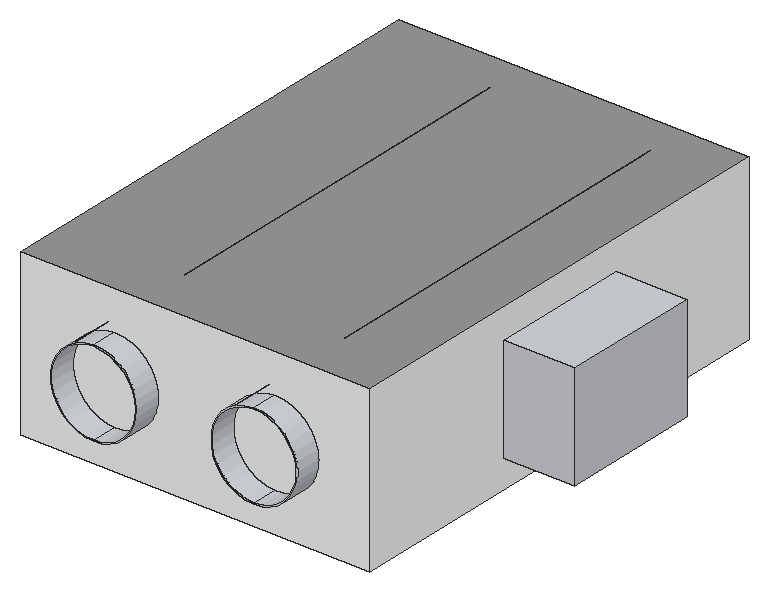
Revit family "Node-1 100-800", category Оборудование, Revit 2016
Family settings
  Тип детали = Нормальный
  Размер круглого соединителя = Использовать диаметр
  На основе рабочей плоскости = Нет
  Всегда вертикально = Да
  При загрузке вырезать с полостями = Нет
  Общий = Нет
  Точка расчета площади = Нет
Parameters (values of type "Node-1 100")
  Ширина = 665 mm
  Материал = 100-400
  Длина подключений = Длина + 100 mm  # 1000 mm
  Диаметр внешнего подключения = 160 mm
  Внешний радиус подключения = Внутренний радиус подключения + 2 mm  # 82 mm
  Внутренний радиус подключения = Диаметр внешнего подключения / 2  # 80 mm
  Ширина блока = 267 mm
  Расход = 41.6 L/s
  Длина = 900 mm
  Высота = 312 mm
  Высота блока = 200 mm
  Вылет блока = 137 mm
Types (9, lengths in mm): name | Материал | Длина подключений | Диаметр внешнего подключения | Внешний радиус подключения | Внутренний радиус подключения | Расход | Длина
  (no name) | 100-400 | 1000 | 160 | 82 | 80 | 41.6 L/s | 900
  Node-1 400 | 100-400 | 1000 | 160 | 82 | 80 | 166.66 L/s | 900
  Node-1 300 | 100-400 | 1000 | 160 | 82 | 80 | 125.0 L/s | 900
  Node-1 200 | 100-400 | 1000 | 160 | 82 | 80 | 83.3 L/s | 900
  Node-1 100 | 100-400 | 1000 | 160 | 82 | 80 | 41.6 L/s | 900
  Node-1 500 | 500-800 | 1280 | 200 | 102 | 100 | 173.61 L/s | 1180
  Node-1 600 | 500-800 | 1280 | 200 | 102 | 100 | 191.66 L/s | 1180
  Node-1 700 | 500-800 | 1280 | 200 | 102 | 100 | 225.0 L/s | 1180
  Node-1 800 | 500-800 | 1280 | 200 | 102 | 100 | 257.0 L/s | 1180
Reference planes
  plane 1 "По центру (Вперед/Назад)": y = 0
  plane 2: z = 0
  plane 3 "По центру (Влево/Вправо)": x = 0
  plane 4: z = 156
Forms (mm)
  Extrusion 1, solid, material "100-400" <- "Материал"
    sketch origin (13738.263, 11757.287, 0) x (1, 0, 0) y (0, 1, 0)
      loop
        line (-14403.263, -11757.287) -> (-14403.263, -12657.287) -> (-13738.263, -12657.287) -> (-13738.263, -11757.287) -> (-14403.263, -11757.287)
    from 0 to 312
  Extrusion 2, solid
    sketch origin (0, 100, 0) x (0, -1, 0) y (0, 0, -1)
      loop
        line (416.5, -256) -> (683.5, -256) -> (683.5, -56) -> (416.5, -56) -> (416.5, -256)
    from 0 to 137
  Extrusion 3, solid, not visible
    sketch origin (0, 0, 0) x (1, 0, 0) y (0, 0, 1)
      loop
        circle (-180, 156) r 79
      loop
        circle (-485, 156) r 79
    from 0 to -40
  Extrusion 4, solid, not visible
    sketch origin (1035, -900, 0) x (-1, 0, 0) y (0, 0, -1)
      loop
        circle (1520, -156) r 79
      loop
        circle (1215, -156) r 79
    from 0 to 40
  Revolve 5, solid
    sketch origin (-180, -356.715, 0.427) x (0, -1, 0) y (0, 0, -1)
      loop
        line (593.285, -235.573) -> (-406.715, -235.573) -> (-406.715, -237.573) -> (593.285, -237.573) -> (593.285, -235.573)
      axis (-406.715, -155.573) -> (593.285, -155.573)
    angle from 0 to 360
  Revolve 6, solid
    sketch origin (-485, -356.715, 0.427) x (0, -1, 0) y (0, 0, -1)
      loop
        line (593.285, -235.573) -> (-406.715, -235.573) -> (-406.715, -237.573) -> (593.285, -237.573) -> (593.285, -235.573)
      axis (-406.715, -155.573) -> (593.285, -155.573)
    angle from 0 to 360
  Extrusion 7, solid, not visible
    sketch origin (13738.263, 11757.287, 0) x (1, 0, 0) y (0, 1, 0)
      loop
        line (-14403.263, -11757.287) -> (-14403.263, -12657.287) -> (-13738.263, -12657.287) -> (-13738.263, -11757.287) -> (-14403.263, -11757.287)
    from 0 to 312
  Extrusion 8, solid, not visible
    sketch origin (0, 100, 0) x (0, -1, 0) y (0, 0, -1)
      loop
        line (416.5, -256) -> (683.5, -256) -> (683.5, -56) -> (416.5, -56) -> (416.5, -256)
    from 0 to 137
  Revolve 9, solid, not visible
    sketch origin (-180, -356.715, 0.427) x (0, -1, 0) y (0, 0, -1)
      loop
        line (658.285, -235.573) -> (-471.715, -235.573) -> (-471.715, -237.573) -> (658.285, -237.573) -> (658.285, -235.573)
      axis (-471.715, -155.573) -> (658.285, -155.573)
    angle from 0 to 360
  Revolve 10, solid, not visible
    sketch origin (-485, -356.715, 0.427) x (0, -1, 0) y (0, 0, -1)
      loop
        line (658.285, -235.573) -> (-471.715, -235.573) -> (-471.715, -237.573) -> (658.285, -237.573) -> (658.285, -235.573)
      axis (-471.715, -155.573) -> (658.285, -155.573)
    angle from 0 to 360
Lines and regions (mm)
  reference lines, not visible
    curve 1: line (0, 0, 156) -> (-180, 0, 156)
    curve 2: line (-665, 0, 156) -> (-485, 0, 156)
  reference lines
    curve 3: line (0, 50, 0) -> (0, 50, 315)
Dimensions and locks
  "Длина": Extrusion 1 to Extrusion 1
  "Ширина": Extrusion 1 to Extrusion 1
  "Высота блока": Extrusion 2 to Extrusion 2
  "Ширина блока": Extrusion 2 to Extrusion 2
  "Вылет блока": Extrusion 2 to Extrusion 1
  "Высота": Extrusion 1 to Extrusion 1
  "Длина подключений": Revolve 6 to Revolve 6
  "Длина подключений": Revolve 5 to Revolve 5
  "Внутренний радиус подключения": Revolve 6 sketch curve to plane 4
  "Внешний радиус подключения": Revolve 6 sketch curve to plane 4
  "Внутренний радиус подключения": plane 4 to Revolve 5 sketch curve
  "Внешний радиус подключения": plane 4 to Revolve 5 sketch curve
  aligned and locked: level to plane 2
Automatic sketch dimensions
  Extrusion 3 sketch curve to Extrusion 3 sketch curve = 305 mm
  Extrusion 3 sketch curve to Extrusion 3 sketch curve = 0 mm
  Extrusion 4 sketch curve to Extrusion 4 sketch curve = 305 mm
  Extrusion 4 sketch curve to Extrusion 4 sketch curve = 0 mm
  Extrusion 2 sketch curve to Extrusion 2 sketch curve = 267 mm
  Extrusion 1 sketch curve to Extrusion 1 sketch curve = 665 mm
  Extrusion 1 sketch curve to Extrusion 1 sketch curve = 900 mm
  Extrusion 2 sketch curve to Extrusion 2 sketch curve = 200 mm
  Extrusion 8 sketch curve to Extrusion 8 sketch curve = 267 mm
  Revolve 9 sketch curve to Revolve 9 sketch curve = 115 mm  (x2)
  Revolve 10 sketch curve to Revolve 10 sketch curve = 115 mm  (x2)
  Extrusion 7 sketch curve to Extrusion 7 sketch curve = 665 mm
  Extrusion 7 sketch curve to Extrusion 7 sketch curve = 900 mm
  Extrusion 8 sketch curve to Extrusion 8 sketch curve = 200 mm
  Revolve 9 sketch curve to Revolve 9 sketch curve = 1130 mm
  Revolve 9 sketch curve to Revolve 9 sketch curve = 2 mm
  Revolve 9 sketch curve to Revolve 9 sketch curve = 80 mm
  Revolve 10 sketch curve to Revolve 10 sketch curve = 1130 mm
  Revolve 10 sketch curve to Revolve 10 sketch curve = 2 mm
  Revolve 10 sketch curve to Revolve 10 sketch curve = 80 mm
  plane 1 "По центру (Вперед/Назад)" to Extrusion 1 sketch curve = 0 mm
  Extrusion 1 sketch curve to plane 3 "По центру (Влево/Вправо)" = 0 mm
  level to Extrusion 2 sketch curve = 56 mm
  plane 1 "По центру (Вперед/Назад)" to Extrusion 2 sketch curve = 316.5 mm
  curve 3 to level = 0 mm
  curve 3 to plane 1 "По центру (Вперед/Назад)" = 50 mm
  plane 4 to curve 3 = 159 mm
  Revolve 5 sketch curve to plane 1 "По центру (Вперед/Назад)" = 0 mm
  Revolve 5 sketch curve to plane 4 = 0 mm
  Revolve 5 sketch curve to plane 1 "По центру (Вперед/Назад)" = 50 mm
  plane 1 "По центру (Вперед/Назад)" to Revolve 5 sketch curve = 950 mm
  plane 1 "По центру (Вперед/Назад)" to Revolve 5 sketch curve = 100 mm
  Revolve 6 sketch curve to plane 1 "По центру (Вперед/Назад)" = 0 mm
  Revolve 6 sketch curve to plane 4 = 0 mm
  Revolve 6 sketch curve to plane 1 "По центру (Вперед/Назад)" = 50 mm
  plane 1 "По центру (Вперед/Назад)" to Revolve 6 sketch curve = 950 mm
  plane 1 "По центру (Вперед/Назад)" to Revolve 6 sketch curve = 100 mm
  radius of Extrusion 3 sketch curve = 79 mm  (x2)
  radius of Extrusion 4 sketch curve = 79 mm  (x2)
Connectors
  hvac at (-485, -950, 156), driven by "Расход", driven by "Диаметр внешнего подключения"
    settings: on Revolve 6, index 1, duct flow 41.6 L/s, flow factor 0, pres drop 0.0 Pa, loss coef 0, conn angle 0.00°, conn width 304.8 mm, conn height 304.8 mm, conn diameter 160 mm, duct sys type 1, conn prof type 0, flow config 1, flow direction 1, loss method 4, conn ref index 3, conn util no, is conn primary yes, conn desc ""
  hvac at (-180, -950, 156), driven by "Диаметр внешнего подключения", driven by "Расход"
    settings: on Revolve 5, index 2, duct flow 41.6 L/s, flow factor 0, pres drop 0.0 Pa, loss coef 0, conn angle 0.00°, conn width 304.8 mm, conn height 304.8 mm, conn diameter 160 mm, duct sys type 3, conn prof type 0, flow config 1, flow direction 2, loss method 4, conn ref index 4, conn util no, is conn primary no, conn desc ""
  hvac at (-180, 50, 156), driven by "Расход", driven by "Диаметр внешнего подключения"
    settings: on Revolve 5, index 3, duct flow 41.6 L/s, flow factor 0, pres drop 0.0 Pa, loss coef 0, conn angle 0.00°, conn width 304.8 mm, conn height 304.8 mm, conn diameter 160 mm, duct sys type 1, conn prof type 0, flow config 1, flow direction 2, loss method 0, conn ref index 1, conn util no, is conn primary no, conn desc ""
  hvac at (-485, 50, 156), driven by "Расход", driven by "Диаметр внешнего подключения"
    settings: on Revolve 6, index 4, duct flow 41.6 L/s, flow factor 0, pres drop 0.0 Pa, loss coef 0, conn angle 0.00°, conn width 304.8 mm, conn height 304.8 mm, conn diameter 160 mm, duct sys type 3, conn prof type 0, flow config 1, flow direction 1, loss method 4, conn ref index 2, conn util no, is conn primary no, conn desc ""
